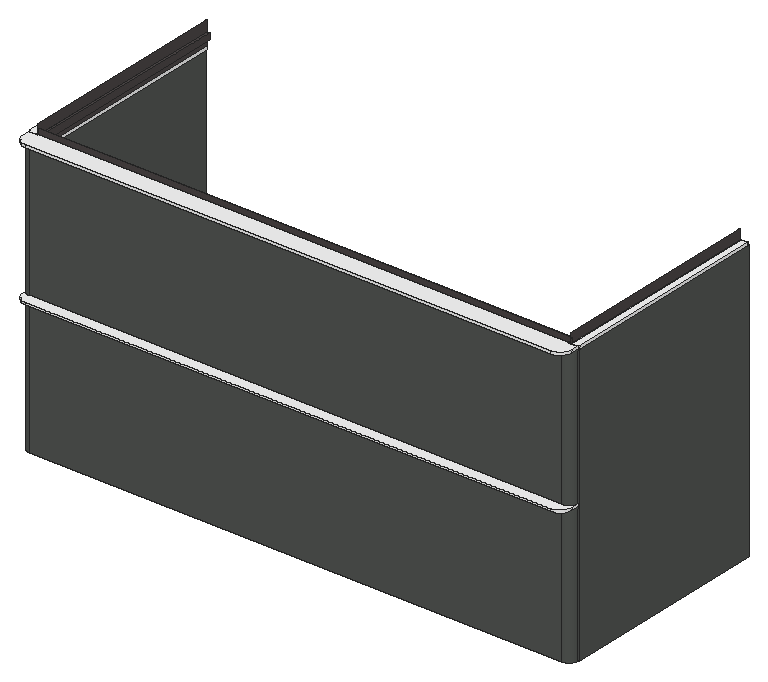
Revit family "vanity unit with 2 drawers", category Furniture, Revit 2019 (continued)
Definition of nested family "vanity unit 780_475 with 2 drawers for washbasin-54027670-high gloss white-matt_black-400_content"
  Forms (mm)
    Extrusion 8, solid, visible <- "ContentVisible", detail levels medium+fine
      sketch origin (0, 0, 0) x (0, 0, -1) y (0, 1, 0)
        loop
          line (-297, -453.5) -> (-297, -455) -> (-267, -455) -> (-267, -453.5) -> (-297, -453.5)
      from -368.5 to 368.5
    Extrusion 9, solid, visible <- "ContentVisible", detail levels medium+fine
      sketch origin (0, 0, 600) x (1, 0, 0) y (0, 1, 0)
        loop
          line (-388.5, -455) -> (-388.5, -471)
          arc (-388.5, -471) -> (-381.178, -488.678) -> (-363.5, -496) r 25
          line (-363.5, -496) -> (363.5, -496)
          arc (363.5, -496) -> (381.178, -488.678) -> (388.5, -471) r 25
          line (388.5, -471) -> (388.5, -455) -> (368.5, -455) -> (368.5, -453.5) -> (-368.5, -453.5) -> (-368.5, -455) -> (-388.5, -455)
      from 0 to 5
    Extrusion 10, solid, visible <- "ContentVisible", detail levels medium+fine
      sketch origin (0, 0, 0) x (0, 0, -1) y (0, 1, 0)
        loop
          line (-600, -453.5) -> (-600, -455) -> (-570, -455) -> (-570, -453.5) -> (-600, -453.5)
      from -368.5 to 368.5
    Extrusion 11, solid, visible <- "ContentVisible", detail levels medium+fine
      sketch origin (0, 0, 0) x (1, 0, 0) y (0, 0, -1)
        loop
          line (-374, -566.8) -> (-374, -605) -> (-372.5, -605) -> (-372.5, -566.8) -> (-374, -566.8)
      from -455 to 0
    Extrusion 12, solid, visible <- "ContentVisible", detail levels medium+fine
      sketch origin (0, 0, 0) x (1, 0, 0) y (0, 0, -1)
        loop
          line (372.5, -566.8) -> (372.5, -605) -> (374, -605) -> (374, -566.8) -> (372.5, -566.8)
      from -455 to 0
    Extrusion 13, solid, visible <- "ContentVisible", detail levels medium+fine
      sketch origin (0, 0, 600) x (1, 0, 0) y (0, 1, 0)
        loop
          line (-390, -3) -> (-390, -452)
          arc (-390, -452) -> (-389.121, -454.121) -> (-387, -455) r 3
          line (-387, -455) -> (-374, -455) -> (-374, 0) -> (-387, 0)
          arc (-387, 0) -> (-389.121, -0.879) -> (-390, -3) r 3
      from 0 to 5
    Extrusion 14, solid, visible <- "ContentVisible", detail levels medium+fine
      sketch origin (0, 0, 600) x (1, 0, 0) y (0, 1, 0)
        loop
          line (374, 0) -> (374, -455) -> (387, -455)
          arc (387, -455) -> (389.121, -454.121) -> (390, -452) r 3
          line (390, -452) -> (390, -3)
          arc (390, -3) -> (389.121, -0.879) -> (387, 0) r 3
          line (387, 0) -> (374, 0)
      from 0 to 5
    Extrusion 15, solid, visible <- "ContentVisible", detail levels medium+fine
      sketch origin (0, 0, 0) x (1, 0, 0) y (0, 0, -1)
        loop
          line (-372.5, -575.3) -> (-372.5, -624.5) -> (-371, -624.5) -> (-371, -602.8) -> (-366.4, -602.8) -> (-366.4, -588.3) -> (-371, -588.3) -> (-371, -575.3) -> (-372.5, -575.3)
      from -453.5 to 0
    Extrusion 16, solid, visible <- "ContentVisible", detail levels medium+fine
      sketch origin (0, 0, 0) x (1, 0, 0) y (0, 0, -1)
        loop
          line (366.4, -588.3) -> (366.4, -602.8) -> (371, -602.8) -> (371, -624.5) -> (372.5, -624.5) -> (372.5, -575.3) -> (371, -575.3) -> (371, -588.3) -> (366.4, -588.3)
      from -453.5 to 0
    Extrusion 17, solid, visible <- "ContentVisible", detail levels medium+fine
      sketch origin (0, 0, 0) x (0, 0, -1) y (0, 1, 0)
        loop
          line (-616, -453.5) -> (-567, -453.5) -> (-567, -452) -> (-588.5, -452) -> (-588.5, -447.4) -> (-603, -447.4) -> (-603, -452) -> (-616, -452) -> (-616, -453.5)
      from -372.5 to 372.5
    Extrusion 18, solid, visible <- "ContentVisible", detail levels coarse
      sketch origin (0, -248, 0) x (1, 0, 0) y (0, 1, 0)
        loop
          line (-390, -248) -> (390, -248) -> (390, 248) -> (-390, 248) -> (-390, -248)
      from 0 to 624.5
  Dimensions and locks
    aligned and locked: level to plane 2
Definition of nested family "vanity unit 780_475 with 2 drawers for washbasin-54027700-high gloss white-matt_white-200_content"
  Parameters (values of type "Vanity unit 780_475 with 2 drawers for washbasin-54027700-High Gloss White-MATT_WHITE-200_Content")
    etim7_EC011381 = "EC011381"
    WEIGHT = "33.3"
    UNSPSC = "56 | Furniture and Furnishings"
    UNIFORMATII = "E2010 | Fixed Furnishings"
    UNICLASS_2015_CODE = "40_30_78_05"
    UNICLASS2015 = "Pr_40_30_78_05 | Bathroom furniture"
    SURFACE = "MATT_WHITE"
    REGIONSET = "Worldwide"
    PRODUCTURL = "https://pro.hansgrohe.com/articledetail--54027000"
    PRODUCTGROUP = "vanity unit"
    PRODUCTFAMILY = "Xelu Q"
    PERMALINK = "54027XXX"
    OMNICLASS = "23-21 19 15 33 13 | Residential Bathroom Specialty Casework"
    OBJECTTYPE = "Object (single object)"
    OBERFLAECHE = "High Gloss White"
    NN = "Vanity Unit with 2 Drawers"
    NBSYN = "$BASENUMBER.-$ARTNR.-$OBERFLAECHE.-$SURFACE.-$LODLEVEL."
    NB = "Vanity unit 780/475 with 2 drawers for washbasin-54027700-High Gloss White-MATT_WHITE-200"
    NAME = "Xelu Q Vanity unit High Gloss White 780/475 with 2 drawers for washbasin"
    Model = "Vanity unit 780/475 with 2 drawers for washbasin-54027700-High Gloss White-MATT_WHITE-200"
    Manufacturer = "Hansgrohe"
    MASTERFORMAT = "12 35 30.23 | Bathroom Casework"
    LODLEVEL = "200"
    LINA = "Vanity unit 780/475 with 2 drawers for washbasin-54027700-High Gloss White-MATT_WHITE-200"
    L = 780
    IFC = "Furnishing element"
    GTINCODE = "4059625455548"
    ETIM = "EC011381 | Bathroom furniture set"
    Default Elevation = 1219.2 mm
    DESIGN = "Germany"
    ContentVisible [instance] = yes
    CATALOG = "Hansgrohe"
    BIMOBJECT = "Sanitary: Compound units"
    BASENUMBER = "Vanity unit 780/475 with 2 drawers for washbasin"
    ARTNR = "54027700"
  Reference planes
    plane 1 "Center (Front/Back)": y = 0
    plane 2: z = 0
    plane 3 "Center (Left/Right)": x = 0
  Forms (mm)
    Extrusion 1, solid, visible <- "ContentVisible", detail levels medium+fine
      sketch origin (0, 0, 0) x (1, 0, 0) y (0, 1, 0)
        loop
          line (-390, 0) -> (-390, -476) -> (390, -476) -> (390, 0) -> (374, 0) -> (374, -72) -> (-374, -72) -> (-374, 0) -> (-390, 0)
      from 0 to 600
    Extrusion 2, solid, visible <- "ContentVisible", detail levels medium+fine
      sketch origin (0, 0, 297) x (1, 0, 0) y (0, 1, 0)
        loop
          line (-388.5, -453.5) -> (-388.5, -496) -> (388.5, -496) -> (388.5, -453.5) -> (-388.5, -453.5)
      from 0 to 5
    Extrusion 3, solid, visible <- "ContentVisible", detail levels medium+fine
      sketch origin (0, 0, 600) x (1, 0, 0) y (0, 1, 0)
        loop
          line (-388.5, -453.5) -> (-388.5, -496) -> (388.5, -496) -> (388.5, -453.5) -> (-388.5, -453.5)
      from 0 to 5
    Extrusion 4, solid, visible <- "ContentVisible", detail levels medium+fine
      sketch origin (0, 0, 0) x (1, 0, 0) y (0, 0, -1)
        loop
          line (-374, -566.8) -> (-374, -605) -> (-372.5, -605) -> (-372.5, -566.8) -> (-374, -566.8)
      from -455 to 0
    Extrusion 5, solid, visible <- "ContentVisible", detail levels medium+fine
      sketch origin (0, 0, 0) x (1, 0, 0) y (0, 0, -1)
        loop
          line (372.5, -566.8) -> (372.5, -605) -> (374, -605) -> (374, -566.8) -> (372.5, -566.8)
      from -455 to 0
    Extrusion 6, solid, visible <- "ContentVisible", detail levels medium+fine
      sketch origin (0, 0, 600) x (1, 0, 0) y (0, 1, 0)
        loop
          line (-390, 0) -> (-390, -455) -> (-374, -455) -> (-374, 0) -> (-390, 0)
      from 0 to 5
    Extrusion 7, solid, visible <- "ContentVisible", detail levels medium+fine
      sketch origin (0, 0, 600) x (1, 0, 0) y (0, 1, 0)
        loop
          line (374, 0) -> (374, -455) -> (390, -455) -> (390, 0) -> (374, 0)
      from 0 to 5
    Extrusion 8, solid, visible <- "ContentVisible", detail levels medium+fine
      sketch origin (0, 0, 0) x (1, 0, 0) y (0, 0, -1)
        loop
          line (-372.5, -575.3) -> (-372.5, -624.5) -> (-366.4, -624.5) -> (-366.4, -575.3) -> (-372.5, -575.3)
      from -453.5 to 0
    Extrusion 9, solid, visible <- "ContentVisible", detail levels medium+fine
      sketch origin (0, 0, 0) x (1, 0, 0) y (0, 0, -1)
        loop
          line (366.4, -575.3) -> (366.4, -624.5) -> (372.5, -624.5) -> (372.5, -575.3) -> (366.4, -575.3)
      from -453.5 to 0
    Extrusion 10, solid, visible <- "ContentVisible", detail levels medium+fine
      sketch origin (0, 0, 0) x (0, 0, -1) y (0, 1, 0)
        loop
          line (-616, -453.5) -> (-567, -453.5) -> (-567, -447.4) -> (-616, -447.4) -> (-616, -453.5)
      from -372.5 to 372.5
    Extrusion 11, solid, visible <- "ContentVisible", detail levels coarse
      sketch origin (0, -248, 0) x (1, 0, 0) y (0, 1, 0)
        loop
          line (-390, -248) -> (390, -248) -> (390, 248) -> (-390, 248) -> (-390, -248)
      from 0 to 624.5
  Dimensions and locks
    aligned and locked: level to plane 2
Definition of nested family "vanity unit 780_475 with 2 drawers for washbasin-54027700-high gloss white-matt_white-400_content"
  Parameters (values of type "Vanity unit 780_475 with 2 drawers for washbasin-54027700-High Gloss White-MATT_WHITE-400_Content")
    etim7_EC011381 = "EC011381"
    WEIGHT = "33.3"
    UNSPSC = "56 | Furniture and Furnishings"
    UNIFORMATII = "E2010 | Fixed Furnishings"
    UNICLASS_2015_CODE = "40_30_78_05"
    UNICLASS2015 = "Pr_40_30_78_05 | Bathroom furniture"
    SURFACE = "MATT_WHITE"
    REGIONSET = "Worldwide"
    PRODUCTURL = "https://pro.hansgrohe.com/articledetail--54027000"
    PRODUCTGROUP = "vanity unit"
    PRODUCTFAMILY = "Xelu Q"
    PERMALINK = "54027XXX"
    OMNICLASS = "23-21 19 15 33 13 | Residential Bathroom Specialty Casework"
    OBJECTTYPE = "Object (single object)"
    OBERFLAECHE = "High Gloss White"
    NN = "Vanity Unit with 2 Drawers"
    NBSYN = "$BASENUMBER.-$ARTNR.-$OBERFLAECHE.-$SURFACE.-$LODLEVEL."
    NB = "Vanity unit 780/475 with 2 drawers for washbasin-54027700-High Gloss White-MATT_WHITE-400"
    NAME = "Xelu Q Vanity unit High Gloss White 780/475 with 2 drawers for washbasin"
    Model = "Vanity unit 780/475 with 2 drawers for washbasin-54027700-High Gloss White-MATT_WHITE-400"
    Manufacturer = "Hansgrohe"
    MASTERFORMAT = "12 35 30.23 | Bathroom Casework"
    LODLEVEL = "400"
    LINA = "Vanity unit 780/475 with 2 drawers for washbasin-54027700-High Gloss White-MATT_WHITE-400"
    L = 780
    IFC = "Furnishing element"
    GTINCODE = "4059625455548"
    ETIM = "EC011381 | Bathroom furniture set"
    Default Elevation = 1219.2 mm
    DESIGN = "Germany"
    ContentVisible [instance] = yes
    CATALOG = "Hansgrohe"
    BIMOBJECT = "Sanitary: Compound units"
    BASENUMBER = "Vanity unit 780/475 with 2 drawers for washbasin"
    ARTNR = "54027700"
  Reference planes
    plane 1 "Center (Front/Back)": y = 0
    plane 2: z = 0
    plane 3 "Center (Left/Right)": x = 0
  Forms (mm)
    Extrusion 1, solid, visible <- "ContentVisible", detail levels medium+fine
      sketch origin (0, 0, 0) x (1, 0, 0) y (0, 1, 0)
        loop
          line (-390, 0) -> (-390, -452)
          arc (-390, -452) -> (-389.121, -454.121) -> (-387, -455) r 3
          line (-387, -455) -> (-374, -455) -> (-374, 0) -> (-390, 0)
      from 0 to 600
    Extrusion 2, solid, visible <- "ContentVisible", detail levels medium+fine
      sketch origin (0, 0, 2) x (1, 0, 0) y (0, 1, 0)
        loop
          line (-374, -88) -> (-374, -455) -> (374, -455) -> (374, -88) -> (-374, -88)
      from 0 to 16
    Extrusion 3, solid, visible <- "ContentVisible", detail levels medium+fine
      sketch origin (0, 0, 0) x (1, 0, 0) y (0, 1, 0)
        loop
          line (374, 0) -> (374, -455) -> (387, -455)
          arc (387, -455) -> (389.121, -454.121) -> (390, -452) r 3
          line (390, -452) -> (390, 0) -> (374, 0)
      from 0 to 600
    Extrusion 4, solid, visible <- "ContentVisible", detail levels medium+fine
      sketch origin (0, 0, 2) x (1, 0, 0) y (0, 1, 0)
        loop
          line (-374, -72) -> (-374, -88) -> (374, -88) -> (374, -72) -> (-374, -72)
      from 0 to 126
    Extrusion 5, solid, visible <- "ContentVisible", detail levels medium+fine
      sketch origin (0, 0, 2) x (1, 0, 0) y (0, 1, 0)
        loop
          arc (-390, -457) -> (-384.435, -470.435) -> (-371, -476) r 19
          line (-371, -476) -> (371, -476)
          arc (371, -476) -> (384.435, -470.435) -> (390, -457) r 19
          line (390, -457) -> (390, -455) -> (-390, -455) -> (-390, -457)
      from 0 to 295
    Extrusion 6, solid, visible <- "ContentVisible", detail levels medium+fine
      sketch origin (0, 0, 305) x (1, 0, 0) y (0, 1, 0)
        loop
          arc (-390, -457) -> (-384.435, -470.435) -> (-371, -476) r 19
          line (-371, -476) -> (371, -476)
          arc (371, -476) -> (384.435, -470.435) -> (390, -457) r 19
          line (390, -457) -> (390, -455) -> (-390, -455) -> (-390, -457)
      from 0 to 295
    Extrusion 7, solid, visible <- "ContentVisible", detail levels medium+fine
      sketch origin (0, 0, 297) x (1, 0, 0) y (0, 1, 0)
        loop
          line (-388.5, -455) -> (-388.5, -471)
          arc (-388.5, -471) -> (-381.178, -488.678) -> (-363.5, -496) r 25
          line (-363.5, -496) -> (363.5, -496)
          arc (363.5, -496) -> (381.178, -488.678) -> (388.5, -471) r 25
          line (388.5, -471) -> (388.5, -455) -> (368.5, -455) -> (368.5, -453.5) -> (-368.5, -453.5) -> (-368.5, -455) -> (-388.5, -455)
      from 0 to 5
    Extrusion 8, solid, visible <- "ContentVisible", detail levels medium+fine
      sketch origin (0, 0, 0) x (0, 0, -1) y (0, 1, 0)
        loop
          line (-297, -453.5) -> (-297, -455) -> (-267, -455) -> (-267, -453.5) -> (-297, -453.5)
      from -368.5 to 368.5
    Extrusion 9, solid, visible <- "ContentVisible", detail levels medium+fine
      sketch origin (0, 0, 600) x (1, 0, 0) y (0, 1, 0)
        loop
          line (-388.5, -455) -> (-388.5, -471)
          arc (-388.5, -471) -> (-381.178, -488.678) -> (-363.5, -496) r 25
          line (-363.5, -496) -> (363.5, -496)
          arc (363.5, -496) -> (381.178, -488.678) -> (388.5, -471) r 25
          line (388.5, -471) -> (388.5, -455) -> (368.5, -455) -> (368.5, -453.5) -> (-368.5, -453.5) -> (-368.5, -455) -> (-388.5, -455)
      from 0 to 5
    Extrusion 10, solid, visible <- "ContentVisible", detail levels medium+fine
      sketch origin (0, 0, 0) x (0, 0, -1) y (0, 1, 0)
        loop
          line (-600, -453.5) -> (-600, -455) -> (-570, -455) -> (-570, -453.5) -> (-600, -453.5)
      from -368.5 to 368.5
    Extrusion 11, solid, visible <- "ContentVisible", detail levels medium+fine
      sketch origin (0, 0, 0) x (1, 0, 0) y (0, 0, -1)
        loop
          line (-374, -566.8) -> (-374, -605) -> (-372.5, -605) -> (-372.5, -566.8) -> (-374, -566.8)
      from -455 to 0
    Extrusion 12, solid, visible <- "ContentVisible", detail levels medium+fine
      sketch origin (0, 0, 0) x (1, 0, 0) y (0, 0, -1)
        loop
          line (372.5, -566.8) -> (372.5, -605) -> (374, -605) -> (374, -566.8) -> (372.5, -566.8)
      from -455 to 0
    Extrusion 13, solid, visible <- "ContentVisible", detail levels medium+fine
      sketch origin (0, 0, 600) x (1, 0, 0) y (0, 1, 0)
        loop
          line (-390, -3) -> (-390, -452)
          arc (-390, -452) -> (-389.121, -454.121) -> (-387, -455) r 3
          line (-387, -455) -> (-374, -455) -> (-374, 0) -> (-387, 0)
          arc (-387, 0) -> (-389.121, -0.879) -> (-390, -3) r 3
      from 0 to 5
    Extrusion 14, solid, visible <- "ContentVisible", detail levels medium+fine
      sketch origin (0, 0, 600) x (1, 0, 0) y (0, 1, 0)
        loop
          line (374, 0) -> (374, -455) -> (387, -455)
          arc (387, -455) -> (389.121, -454.121) -> (390, -452) r 3
          line (390, -452) -> (390, -3)
          arc (390, -3) -> (389.121, -0.879) -> (387, 0) r 3
          line (387, 0) -> (374, 0)
      from 0 to 5
    Extrusion 15, solid, visible <- "ContentVisible", detail levels medium+fine
      sketch origin (0, 0, 0) x (1, 0, 0) y (0, 0, -1)
        loop
          line (-372.5, -575.3) -> (-372.5, -624.5) -> (-371, -624.5) -> (-371, -602.8) -> (-366.4, -602.8) -> (-366.4, -588.3) -> (-371, -588.3) -> (-371, -575.3) -> (-372.5, -575.3)
      from -453.5 to 0
    Extrusion 16, solid, visible <- "ContentVisible", detail levels medium+fine
      sketch origin (0, 0, 0) x (1, 0, 0) y (0, 0, -1)
        loop
          line (366.4, -588.3) -> (366.4, -602.8) -> (371, -602.8) -> (371, -624.5) -> (372.5, -624.5) -> (372.5, -575.3) -> (371, -575.3) -> (371, -588.3) -> (366.4, -588.3)
      from -453.5 to 0
    Extrusion 17, solid, visible <- "ContentVisible", detail levels medium+fine
      sketch origin (0, 0, 0) x (0, 0, -1) y (0, 1, 0)
        loop
          line (-616, -453.5) -> (-567, -453.5) -> (-567, -452) -> (-588.5, -452) -> (-588.5, -447.4) -> (-603, -447.4) -> (-603, -452) -> (-616, -452) -> (-616, -453.5)
      from -372.5 to 372.5
    Extrusion 18, solid, visible <- "ContentVisible", detail levels coarse
      sketch origin (0, -248, 0) x (1, 0, 0) y (0, 1, 0)
        loop
          line (-390, -248) -> (390, -248) -> (390, 248) -> (-390, 248) -> (-390, -248)
      from 0 to 624.5
  Dimensions and locks
    aligned and locked: level to plane 2
Definition of nested family "vanity unit 780_475 with 2 drawers for washbasin-54028000-diamond matt grey-chrome-200_content"
  Parameters (values of type "Vanity unit 780_475 with 2 drawers for washbasin-54028000-Diamond Matt Grey-CHROME-200_Content")
    etim7_EC011381 = "EC011381"
    WEIGHT = "33.3"
    UNSPSC = "56 | Furniture and Furnishings"
    UNIFORMATII = "E2010 | Fixed Furnishings"
    UNICLASS_2015_CODE = "40_30_78_05"
    UNICLASS2015 = "Pr_40_30_78_05 | Bathroom furniture"
    SURFACE = "CHROME"
    REGIONSET = "Worldwide"
    PRODUCTURL = "https://pro.hansgrohe.com/articledetail--54028000"
    PRODUCTGROUP = "vanity unit"
    PRODUCTFAMILY = "Xelu Q"
    PERMALINK = "54028XXX"
    OMNICLASS = "23-21 19 15 33 13 | Residential Bathroom Specialty Casework"
    OBJECTTYPE = "Object (single object)"
    OBERFLAECHE = "Diamond Matt Grey"
    NN = "Vanity Unit with 2 Drawers"
    NBSYN = "$BASENUMBER.-$ARTNR.-$OBERFLAECHE.-$SURFACE.-$LODLEVEL."
    NB = "Vanity unit 780/475 with 2 drawers for washbasin-54028000-Diamond Matt Grey-CHROME-200"
    NAME = "Xelu Q Vanity unit Diamond Matt Grey 780/475 with 2 drawers for washbasin"
    Model = "Vanity unit 780/475 with 2 drawers for washbasin-54028000-Diamond Matt Grey-CHROME-200"
    Manufacturer = "Hansgrohe"
    MASTERFORMAT = "12 35 30.23 | Bathroom Casework"
    LODLEVEL = "200"
    LINA = "Vanity unit 780/475 with 2 drawers for washbasin-54028000-Diamond Matt Grey-CHROME-200"
    L = 780
    IFC = "Furnishing element"
    GTINCODE = "4059625455517"
    ETIM = "EC011381 | Bathroom furniture set"
    Default Elevation = 1219.2 mm
    DESIGN = "Germany"
    ContentVisible [instance] = yes
    CATALOG = "Hansgrohe"
    BIMOBJECT = "Sanitary: Compound units"
    BASENUMBER = "Vanity unit 780/475 with 2 drawers for washbasin"
    ARTNR = "54028000"
  Reference planes
    plane 1 "Center (Front/Back)": y = 0
    plane 2: z = 0
    plane 3 "Center (Left/Right)": x = 0
  Forms (mm)
    Extrusion 1, solid, visible <- "ContentVisible", detail levels medium+fine
      sketch origin (0, 0, 0) x (1, 0, 0) y (0, 1, 0)
        loop
          line (-390, 0) -> (-390, -476) -> (390, -476) -> (390, 0) -> (374, 0) -> (374, -72) -> (-374, -72) -> (-374, 0) -> (-390, 0)
      from 0 to 600
    Extrusion 2, solid, visible <- "ContentVisible", detail levels medium+fine
      sketch origin (0, 0, 297) x (1, 0, 0) y (0, 1, 0)
        loop
          line (-388.5, -453.5) -> (-388.5, -496) -> (388.5, -496) -> (388.5, -453.5) -> (-388.5, -453.5)
      from 0 to 5
    Extrusion 3, solid, visible <- "ContentVisible", detail levels medium+fine
      sketch origin (0, 0, 600) x (1, 0, 0) y (0, 1, 0)
        loop
          line (-388.5, -453.5) -> (-388.5, -496) -> (388.5, -496) -> (388.5, -453.5) -> (-388.5, -453.5)
      from 0 to 5
    Extrusion 4, solid, visible <- "ContentVisible", detail levels medium+fine
      sketch origin (0, 0, 0) x (1, 0, 0) y (0, 0, -1)
        loop
          line (-374, -566.8) -> (-374, -605) -> (-372.5, -605) -> (-372.5, -566.8) -> (-374, -566.8)
      from -455 to 0
    Extrusion 5, solid, visible <- "ContentVisible", detail levels medium+fine
      sketch origin (0, 0, 0) x (1, 0, 0) y (0, 0, -1)
        loop
          line (372.5, -566.8) -> (372.5, -605) -> (374, -605) -> (374, -566.8) -> (372.5, -566.8)
      from -455 to 0
    Extrusion 6, solid, visible <- "ContentVisible", detail levels medium+fine
      sketch origin (0, 0, 600) x (1, 0, 0) y (0, 1, 0)
        loop
          line (-390, 0) -> (-390, -455) -> (-374, -455) -> (-374, 0) -> (-390, 0)
      from 0 to 5
    Extrusion 7, solid, visible <- "ContentVisible", detail levels medium+fine
      sketch origin (0, 0, 600) x (1, 0, 0) y (0, 1, 0)
        loop
          line (374, 0) -> (374, -455) -> (390, -455) -> (390, 0) -> (374, 0)
      from 0 to 5
    Extrusion 8, solid, visible <- "ContentVisible", detail levels medium+fine
      sketch origin (0, 0, 0) x (1, 0, 0) y (0, 0, -1)
        loop
          line (-372.5, -575.3) -> (-372.5, -624.5) -> (-366.4, -624.5) -> (-366.4, -575.3) -> (-372.5, -575.3)
      from -453.5 to 0
    Extrusion 9, solid, visible <- "ContentVisible", detail levels medium+fine
      sketch origin (0, 0, 0) x (1, 0, 0) y (0, 0, -1)
        loop
          line (366.4, -575.3) -> (366.4, -624.5) -> (372.5, -624.5) -> (372.5, -575.3) -> (366.4, -575.3)
      from -453.5 to 0
    Extrusion 10, solid, visible <- "ContentVisible", detail levels medium+fine
      sketch origin (0, 0, 0) x (0, 0, -1) y (0, 1, 0)
        loop
          line (-616, -453.5) -> (-567, -453.5) -> (-567, -447.4) -> (-616, -447.4) -> (-616, -453.5)
      from -372.5 to 372.5
    Extrusion 11, solid, visible <- "ContentVisible", detail levels coarse
      sketch origin (0, -248, 0) x (1, 0, 0) y (0, 1, 0)
        loop
          line (-390, -248) -> (390, -248) -> (390, 248) -> (-390, 248) -> (-390, -248)
      from 0 to 624.5
  Dimensions and locks
    aligned and locked: level to plane 2
Definition of nested family "vanity unit 780_475 with 2 drawers for washbasin-54028000-diamond matt grey-chrome-400_content"
  Parameters (values of type "Vanity unit 780_475 with 2 drawers for washbasin-54028000-Diamond Matt Grey-CHROME-400_Content")
    etim7_EC011381 = "EC011381"
    WEIGHT = "33.3"
    UNSPSC = "56 | Furniture and Furnishings"
    UNIFORMATII = "E2010 | Fixed Furnishings"
    UNICLASS_2015_CODE = "40_30_78_05"
    UNICLASS2015 = "Pr_40_30_78_05 | Bathroom furniture"
    SURFACE = "CHROME"
    REGIONSET = "Worldwide"
    PRODUCTURL = "https://pro.hansgrohe.com/articledetail--54028000"
    PRODUCTGROUP = "vanity unit"
    PRODUCTFAMILY = "Xelu Q"
    PERMALINK = "54028XXX"
    OMNICLASS = "23-21 19 15 33 13 | Residential Bathroom Specialty Casework"
    OBJECTTYPE = "Object (single object)"
    OBERFLAECHE = "Diamond Matt Grey"
    NN = "Vanity Unit with 2 Drawers"
    NBSYN = "$BASENUMBER.-$ARTNR.-$OBERFLAECHE.-$SURFACE.-$LODLEVEL."
    NB = "Vanity unit 780/475 with 2 drawers for washbasin-54028000-Diamond Matt Grey-CHROME-400"
    NAME = "Xelu Q Vanity unit Diamond Matt Grey 780/475 with 2 drawers for washbasin"
    Model = "Vanity unit 780/475 with 2 drawers for washbasin-54028000-Diamond Matt Grey-CHROME-400"
    Manufacturer = "Hansgrohe"
    MASTERFORMAT = "12 35 30.23 | Bathroom Casework"
    LODLEVEL = "400"
    LINA = "Vanity unit 780/475 with 2 drawers for washbasin-54028000-Diamond Matt Grey-CHROME-400"
    L = 780
    IFC = "Furnishing element"
    GTINCODE = "4059625455517"
    ETIM = "EC011381 | Bathroom furniture set"
    Default Elevation = 1219.2 mm
    DESIGN = "Germany"
    ContentVisible [instance] = yes
    CATALOG = "Hansgrohe"
    BIMOBJECT = "Sanitary: Compound units"
    BASENUMBER = "Vanity unit 780/475 with 2 drawers for washbasin"
    ARTNR = "54028000"
  Reference planes
    plane 1 "Center (Front/Back)": y = 0
    plane 2: z = 0
    plane 3 "Center (Left/Right)": x = 0
  Forms (mm)
    Extrusion 1, solid, visible <- "ContentVisible", detail levels medium+fine
      sketch origin (0, 0, 0) x (1, 0, 0) y (0, 1, 0)
        loop
          line (-390, 0) -> (-390, -452)
          arc (-390, -452) -> (-389.121, -454.121) -> (-387, -455) r 3
          line (-387, -455) -> (-374, -455) -> (-374, 0) -> (-390, 0)
      from 0 to 600
    Extrusion 2, solid, visible <- "ContentVisible", detail levels medium+fine
      sketch origin (0, 0, 2) x (1, 0, 0) y (0, 1, 0)
        loop
          line (-374, -88) -> (-374, -455) -> (374, -455) -> (374, -88) -> (-374, -88)
      from 0 to 16
    Extrusion 3, solid, visible <- "ContentVisible", detail levels medium+fine
      sketch origin (0, 0, 0) x (1, 0, 0) y (0, 1, 0)
        loop
          line (374, 0) -> (374, -455) -> (387, -455)
          arc (387, -455) -> (389.121, -454.121) -> (390, -452) r 3
          line (390, -452) -> (390, 0) -> (374, 0)
      from 0 to 600
    Extrusion 4, solid, visible <- "ContentVisible", detail levels medium+fine
      sketch origin (0, 0, 2) x (1, 0, 0) y (0, 1, 0)
        loop
          line (-374, -72) -> (-374, -88) -> (374, -88) -> (374, -72) -> (-374, -72)
      from 0 to 126
    Extrusion 5, solid, visible <- "ContentVisible", detail levels medium+fine
      sketch origin (0, 0, 2) x (1, 0, 0) y (0, 1, 0)
        loop
          arc (-390, -457) -> (-384.435, -470.435) -> (-371, -476) r 19
          line (-371, -476) -> (371, -476)
          arc (371, -476) -> (384.435, -470.435) -> (390, -457) r 19
          line (390, -457) -> (390, -455) -> (-390, -455) -> (-390, -457)
      from 0 to 295
    Extrusion 6, solid, visible <- "ContentVisible", detail levels medium+fine
      sketch origin (0, 0, 305) x (1, 0, 0) y (0, 1, 0)
        loop
          arc (-390, -457) -> (-384.435, -470.435) -> (-371, -476) r 19
          line (-371, -476) -> (371, -476)
          arc (371, -476) -> (384.435, -470.435) -> (390, -457) r 19
          line (390, -457) -> (390, -455) -> (-390, -455) -> (-390, -457)
      from 0 to 295
    Extrusion 7, solid, visible <- "ContentVisible", detail levels medium+fine
      sketch origin (0, 0, 297) x (1, 0, 0) y (0, 1, 0)
        loop
          line (-388.5, -455) -> (-388.5, -471)
          arc (-388.5, -471) -> (-381.178, -488.678) -> (-363.5, -496) r 25
          line (-363.5, -496) -> (363.5, -496)
          arc (363.5, -496) -> (381.178, -488.678) -> (388.5, -471) r 25
          line (388.5, -471) -> (388.5, -455) -> (368.5, -455) -> (368.5, -453.5) -> (-368.5, -453.5) -> (-368.5, -455) -> (-388.5, -455)
      from 0 to 5
    Extrusion 8, solid, visible <- "ContentVisible", detail levels medium+fine
      sketch origin (0, 0, 0) x (0, 0, -1) y (0, 1, 0)
        loop
          line (-297, -453.5) -> (-297, -455) -> (-267, -455) -> (-267, -453.5) -> (-297, -453.5)
      from -368.5 to 368.5
    Extrusion 9, solid, visible <- "ContentVisible", detail levels medium+fine
      sketch origin (0, 0, 600) x (1, 0, 0) y (0, 1, 0)
        loop
          line (-388.5, -455) -> (-388.5, -471)
          arc (-388.5, -471) -> (-381.178, -488.678) -> (-363.5, -496) r 25
          line (-363.5, -496) -> (363.5, -496)
          arc (363.5, -496) -> (381.178, -488.678) -> (388.5, -471) r 25
          line (388.5, -471) -> (388.5, -455) -> (368.5, -455) -> (368.5, -453.5) -> (-368.5, -453.5) -> (-368.5, -455) -> (-388.5, -455)
      from 0 to 5
    Extrusion 10, solid, visible <- "ContentVisible", detail levels medium+fine
      sketch origin (0, 0, 0) x (0, 0, -1) y (0, 1, 0)
        loop
          line (-600, -453.5) -> (-600, -455) -> (-570, -455) -> (-570, -453.5) -> (-600, -453.5)
      from -368.5 to 368.5
    Extrusion 11, solid, visible <- "ContentVisible", detail levels medium+fine
      sketch origin (0, 0, 0) x (1, 0, 0) y (0, 0, -1)
        loop
          line (-374, -566.8) -> (-374, -605) -> (-372.5, -605) -> (-372.5, -566.8) -> (-374, -566.8)
      from -455 to 0
    Extrusion 12, solid, visible <- "ContentVisible", detail levels medium+fine
      sketch origin (0, 0, 0) x (1, 0, 0) y (0, 0, -1)
        loop
          line (372.5, -566.8) -> (372.5, -605) -> (374, -605) -> (374, -566.8) -> (372.5, -566.8)
      from -455 to 0
    Extrusion 13, solid, visible <- "ContentVisible", detail levels medium+fine
      sketch origin (0, 0, 600) x (1, 0, 0) y (0, 1, 0)
        loop
          line (-390, -3) -> (-390, -452)
          arc (-390, -452) -> (-389.121, -454.121) -> (-387, -455) r 3
          line (-387, -455) -> (-374, -455) -> (-374, 0) -> (-387, 0)
          arc (-387, 0) -> (-389.121, -0.879) -> (-390, -3) r 3
      from 0 to 5
    Extrusion 14, solid, visible <- "ContentVisible", detail levels medium+fine
      sketch origin (0, 0, 600) x (1, 0, 0) y (0, 1, 0)
        loop
          line (374, 0) -> (374, -455) -> (387, -455)
          arc (387, -455) -> (389.121, -454.121) -> (390, -452) r 3
          line (390, -452) -> (390, -3)
          arc (390, -3) -> (389.121, -0.879) -> (387, 0) r 3
          line (387, 0) -> (374, 0)
      from 0 to 5
    Extrusion 15, solid, visible <- "ContentVisible", detail levels medium+fine
      sketch origin (0, 0, 0) x (1, 0, 0) y (0, 0, -1)
        loop
          line (-372.5, -575.3) -> (-372.5, -624.5) -> (-371, -624.5) -> (-371, -602.8) -> (-366.4, -602.8) -> (-366.4, -588.3) -> (-371, -588.3) -> (-371, -575.3) -> (-372.5, -575.3)
      from -453.5 to 0
    Extrusion 16, solid, visible <- "ContentVisible", detail levels medium+fine
      sketch origin (0, 0, 0) x (1, 0, 0) y (0, 0, -1)
        loop
          line (366.4, -588.3) -> (366.4, -602.8) -> (371, -602.8) -> (371, -624.5) -> (372.5, -624.5) -> (372.5, -575.3) -> (371, -575.3) -> (371, -588.3) -> (366.4, -588.3)
      from -453.5 to 0
    Extrusion 17, solid, visible <- "ContentVisible", detail levels medium+fine
      sketch origin (0, 0, 0) x (0, 0, -1) y (0, 1, 0)
        loop
          line (-616, -453.5) -> (-567, -453.5) -> (-567, -452) -> (-588.5, -452) -> (-588.5, -447.4) -> (-603, -447.4) -> (-603, -452) -> (-616, -452) -> (-616, -453.5)
      from -372.5 to 372.5
    Extrusion 18, solid, visible <- "ContentVisible", detail levels coarse
      sketch origin (0, -248, 0) x (1, 0, 0) y (0, 1, 0)
        loop
          line (-390, -248) -> (390, -248) -> (390, 248) -> (-390, 248) -> (-390, -248)
      from 0 to 624.5
  Dimensions and locks
    aligned and locked: level to plane 2
Definition of nested family "vanity unit 780_475 with 2 drawers for washbasin-54028670-diamond matt grey-matt_black-200_content"
  Parameters (values of type "Vanity unit 780_475 with 2 drawers for washbasin-54028670-Diamond Matt Grey-MATT_BLACK-200_Content")
    etim7_EC011381 = "EC011381"
    WEIGHT = "33.3"
    UNSPSC = "56 | Furniture and Furnishings"
    UNIFORMATII = "E2010 | Fixed Furnishings"
    UNICLASS_2015_CODE = "40_30_78_05"
    UNICLASS2015 = "Pr_40_30_78_05 | Bathroom furniture"
    SURFACE = "MATT_BLACK"
    REGIONSET = "Worldwide"
    PRODUCTURL = "https://pro.hansgrohe.com/articledetail--54028000"
    PRODUCTGROUP = "vanity unit"
    PRODUCTFAMILY = "Xelu Q"
    PERMALINK = "54028XXX"
    OMNICLASS = "23-21 19 15 33 13 | Residential Bathroom Specialty Casework"
    OBJECTTYPE = "Object (single object)"
    OBERFLAECHE = "Diamond Matt Grey"
    NN = "Vanity Unit with 2 Drawers"
    NBSYN = "$BASENUMBER.-$ARTNR.-$OBERFLAECHE.-$SURFACE.-$LODLEVEL."
    NB = "Vanity unit 780/475 with 2 drawers for washbasin-54028670-Diamond Matt Grey-MATT_BLACK-200"
    NAME = "Xelu Q Vanity unit Diamond Matt Grey 780/475 with 2 drawers for washbasin"
    Model = "Vanity unit 780/475 with 2 drawers for washbasin-54028670-Diamond Matt Grey-MATT_BLACK-200"
    Manufacturer = "Hansgrohe"
    MASTERFORMAT = "12 35 30.23 | Bathroom Casework"
    LODLEVEL = "200"
    LINA = "Vanity unit 780/475 with 2 drawers for washbasin-54028670-Diamond Matt Grey-MATT_BLACK-200"
    L = 780
    IFC = "Furnishing element"
    GTINCODE = "4059625455517"
    ETIM = "EC011381 | Bathroom furniture set"
    Default Elevation = 1219.2 mm
    DESIGN = "Germany"
    ContentVisible [instance] = yes
    CATALOG = "Hansgrohe"
    BIMOBJECT = "Sanitary: Compound units"
    BASENUMBER = "Vanity unit 780/475 with 2 drawers for washbasin"
    ARTNR = "54028670"
  Reference planes
    plane 1 "Center (Front/Back)": y = 0
    plane 2: z = 0
    plane 3 "Center (Left/Right)": x = 0
  Forms (mm)
    Extrusion 1, solid, visible <- "ContentVisible", detail levels medium+fine
      sketch origin (0, 0, 0) x (1, 0, 0) y (0, 1, 0)
        loop
          line (-390, 0) -> (-390, -476) -> (390, -476) -> (390, 0) -> (374, 0) -> (374, -72) -> (-374, -72) -> (-374, 0) -> (-390, 0)
      from 0 to 600
    Extrusion 2, solid, visible <- "ContentVisible", detail levels medium+fine
      sketch origin (0, 0, 297) x (1, 0, 0) y (0, 1, 0)
        loop
          line (-388.5, -453.5) -> (-388.5, -496) -> (388.5, -496) -> (388.5, -453.5) -> (-388.5, -453.5)
      from 0 to 5
    Extrusion 3, solid, visible <- "ContentVisible", detail levels medium+fine
      sketch origin (0, 0, 600) x (1, 0, 0) y (0, 1, 0)
        loop
          line (-388.5, -453.5) -> (-388.5, -496) -> (388.5, -496) -> (388.5, -453.5) -> (-388.5, -453.5)
      from 0 to 5
    Extrusion 4, solid, visible <- "ContentVisible", detail levels medium+fine
      sketch origin (0, 0, 0) x (1, 0, 0) y (0, 0, -1)
        loop
          line (-374, -566.8) -> (-374, -605) -> (-372.5, -605) -> (-372.5, -566.8) -> (-374, -566.8)
      from -455 to 0
    Extrusion 5, solid, visible <- "ContentVisible", detail levels medium+fine
      sketch origin (0, 0, 0) x (1, 0, 0) y (0, 0, -1)
        loop
          line (372.5, -566.8) -> (372.5, -605) -> (374, -605) -> (374, -566.8) -> (372.5, -566.8)
      from -455 to 0
    Extrusion 6, solid, visible <- "ContentVisible", detail levels medium+fine
      sketch origin (0, 0, 600) x (1, 0, 0) y (0, 1, 0)
        loop
          line (-390, 0) -> (-390, -455) -> (-374, -455) -> (-374, 0) -> (-390, 0)
      from 0 to 5
    Extrusion 7, solid, visible <- "ContentVisible", detail levels medium+fine
      sketch origin (0, 0, 600) x (1, 0, 0) y (0, 1, 0)
        loop
          line (374, 0) -> (374, -455) -> (390, -455) -> (390, 0) -> (374, 0)
      from 0 to 5
    Extrusion 8, solid, visible <- "ContentVisible", detail levels medium+fine
      sketch origin (0, 0, 0) x (1, 0, 0) y (0, 0, -1)
        loop
          line (-372.5, -575.3) -> (-372.5, -624.5) -> (-366.4, -624.5) -> (-366.4, -575.3) -> (-372.5, -575.3)
      from -453.5 to 0
    Extrusion 9, solid, visible <- "ContentVisible", detail levels medium+fine
      sketch origin (0, 0, 0) x (1, 0, 0) y (0, 0, -1)
        loop
          line (366.4, -575.3) -> (366.4, -624.5) -> (372.5, -624.5) -> (372.5, -575.3) -> (366.4, -575.3)
      from -453.5 to 0
    Extrusion 10, solid, visible <- "ContentVisible", detail levels medium+fine
      sketch origin (0, 0, 0) x (0, 0, -1) y (0, 1, 0)
        loop
          line (-616, -453.5) -> (-567, -453.5) -> (-567, -447.4) -> (-616, -447.4) -> (-616, -453.5)
      from -372.5 to 372.5
    Extrusion 11, solid, visible <- "ContentVisible", detail levels coarse
      sketch origin (0, -248, 0) x (1, 0, 0) y (0, 1, 0)
        loop
          line (-390, -248) -> (390, -248) -> (390, 248) -> (-390, 248) -> (-390, -248)
      from 0 to 624.5
  Dimensions and locks
    aligned and locked: level to plane 2
Definition of nested family "vanity unit 780_475 with 2 drawers for washbasin-54028670-diamond matt grey-matt_black-400_content"
  Parameters (values of type "Vanity unit 780_475 with 2 drawers for washbasin-54028670-Diamond Matt Grey-MATT_BLACK-400_Content")
    etim7_EC011381 = "EC011381"
    WEIGHT = "33.3"
    UNSPSC = "56 | Furniture and Furnishings"
    UNIFORMATII = "E2010 | Fixed Furnishings"
    UNICLASS_2015_CODE = "40_30_78_05"
    UNICLASS2015 = "Pr_40_30_78_05 | Bathroom furniture"
    SURFACE = "MATT_BLACK"
    REGIONSET = "Worldwide"
    PRODUCTURL = "https://pro.hansgrohe.com/articledetail--54028000"
    PRODUCTGROUP = "vanity unit"
    PRODUCTFAMILY = "Xelu Q"
    PERMALINK = "54028XXX"
    OMNICLASS = "23-21 19 15 33 13 | Residential Bathroom Specialty Casework"
    OBJECTTYPE = "Object (single object)"
    OBERFLAECHE = "Diamond Matt Grey"
    NN = "Vanity Unit with 2 Drawers"
    NBSYN = "$BASENUMBER.-$ARTNR.-$OBERFLAECHE.-$SURFACE.-$LODLEVEL."
    NB = "Vanity unit 780/475 with 2 drawers for washbasin-54028670-Diamond Matt Grey-MATT_BLACK-400"
    NAME = "Xelu Q Vanity unit Diamond Matt Grey 780/475 with 2 drawers for washbasin"
    Model = "Vanity unit 780/475 with 2 drawers for washbasin-54028670-Diamond Matt Grey-MATT_BLACK-400"
    Manufacturer = "Hansgrohe"
    MASTERFORMAT = "12 35 30.23 | Bathroom Casework"
    LODLEVEL = "400"
    LINA = "Vanity unit 780/475 with 2 drawers for washbasin-54028670-Diamond Matt Grey-MATT_BLACK-400"
    L = 780
    IFC = "Furnishing element"
    GTINCODE = "4059625455517"
    ETIM = "EC011381 | Bathroom furniture set"
    Default Elevation = 1219.2 mm
    DESIGN = "Germany"
    ContentVisible [instance] = yes
    CATALOG = "Hansgrohe"
    BIMOBJECT = "Sanitary: Compound units"
    BASENUMBER = "Vanity unit 780/475 with 2 drawers for washbasin"
    ARTNR = "54028670"
  Reference planes
    plane 1 "Center (Front/Back)": y = 0
    plane 2: z = 0
    plane 3 "Center (Left/Right)": x = 0
  Forms (mm)
    Extrusion 1, solid, visible <- "ContentVisible", detail levels medium+fine
      sketch origin (0, 0, 0) x (1, 0, 0) y (0, 1, 0)
        loop
          line (-390, 0) -> (-390, -452)
          arc (-390, -452) -> (-389.121, -454.121) -> (-387, -455) r 3
          line (-387, -455) -> (-374, -455) -> (-374, 0) -> (-390, 0)
      from 0 to 600
    Extrusion 2, solid, visible <- "ContentVisible", detail levels medium+fine
      sketch origin (0, 0, 2) x (1, 0, 0) y (0, 1, 0)
        loop
          line (-374, -88) -> (-374, -455) -> (374, -455) -> (374, -88) -> (-374, -88)
      from 0 to 16
    Extrusion 3, solid, visible <- "ContentVisible", detail levels medium+fine
      sketch origin (0, 0, 0) x (1, 0, 0) y (0, 1, 0)
        loop
          line (374, 0) -> (374, -455) -> (387, -455)
          arc (387, -455) -> (389.121, -454.121) -> (390, -452) r 3
          line (390, -452) -> (390, 0) -> (374, 0)
      from 0 to 600
    Extrusion 4, solid, visible <- "ContentVisible", detail levels medium+fine
      sketch origin (0, 0, 2) x (1, 0, 0) y (0, 1, 0)
        loop
          line (-374, -72) -> (-374, -88) -> (374, -88) -> (374, -72) -> (-374, -72)
      from 0 to 126
    Extrusion 5, solid, visible <- "ContentVisible", detail levels medium+fine
      sketch origin (0, 0, 2) x (1, 0, 0) y (0, 1, 0)
        loop
          arc (-390, -457) -> (-384.435, -470.435) -> (-371, -476) r 19
          line (-371, -476) -> (371, -476)
          arc (371, -476) -> (384.435, -470.435) -> (390, -457) r 19
          line (390, -457) -> (390, -455) -> (-390, -455) -> (-390, -457)
      from 0 to 295
    Extrusion 6, solid, visible <- "ContentVisible", detail levels medium+fine
      sketch origin (0, 0, 305) x (1, 0, 0) y (0, 1, 0)
        loop
          arc (-390, -457) -> (-384.435, -470.435) -> (-371, -476) r 19
          line (-371, -476) -> (371, -476)
          arc (371, -476) -> (384.435, -470.435) -> (390, -457) r 19
          line (390, -457) -> (390, -455) -> (-390, -455) -> (-390, -457)
      from 0 to 295
    Extrusion 7, solid, visible <- "ContentVisible", detail levels medium+fine
      sketch origin (0, 0, 297) x (1, 0, 0) y (0, 1, 0)
        loop
          line (-388.5, -455) -> (-388.5, -471)
          arc (-388.5, -471) -> (-381.178, -488.678) -> (-363.5, -496) r 25
          line (-363.5, -496) -> (363.5, -496)
          arc (363.5, -496) -> (381.178, -488.678) -> (388.5, -471) r 25
          line (388.5, -471) -> (388.5, -455) -> (368.5, -455) -> (368.5, -453.5) -> (-368.5, -453.5) -> (-368.5, -455) -> (-388.5, -455)
      from 0 to 5
    Extrusion 8, solid, visible <- "ContentVisible", detail levels medium+fine
      sketch origin (0, 0, 0) x (0, 0, -1) y (0, 1, 0)
        loop
          line (-297, -453.5) -> (-297, -455) -> (-267, -455) -> (-267, -453.5) -> (-297, -453.5)
      from -368.5 to 368.5
    Extrusion 9, solid, visible <- "ContentVisible", detail levels medium+fine
      sketch origin (0, 0, 600) x (1, 0, 0) y (0, 1, 0)
        loop
          line (-388.5, -455) -> (-388.5, -471)
          arc (-388.5, -471) -> (-381.178, -488.678) -> (-363.5, -496) r 25
          line (-363.5, -496) -> (363.5, -496)
          arc (363.5, -496) -> (381.178, -488.678) -> (388.5, -471) r 25
          line (388.5, -471) -> (388.5, -455) -> (368.5, -455) -> (368.5, -453.5) -> (-368.5, -453.5) -> (-368.5, -455) -> (-388.5, -455)
      from 0 to 5
    Extrusion 10, solid, visible <- "ContentVisible", detail levels medium+fine
      sketch origin (0, 0, 0) x (0, 0, -1) y (0, 1, 0)
        loop
          line (-600, -453.5) -> (-600, -455) -> (-570, -455) -> (-570, -453.5) -> (-600, -453.5)
      from -368.5 to 368.5
    Extrusion 11, solid, visible <- "ContentVisible", detail levels medium+fine
      sketch origin (0, 0, 0) x (1, 0, 0) y (0, 0, -1)
        loop
          line (-374, -566.8) -> (-374, -605) -> (-372.5, -605) -> (-372.5, -566.8) -> (-374, -566.8)
      from -455 to 0
    Extrusion 12, solid, visible <- "ContentVisible", detail levels medium+fine
      sketch origin (0, 0, 0) x (1, 0, 0) y (0, 0, -1)
        loop
          line (372.5, -566.8) -> (372.5, -605) -> (374, -605) -> (374, -566.8) -> (372.5, -566.8)
      from -455 to 0
    Extrusion 13, solid, visible <- "ContentVisible", detail levels medium+fine
      sketch origin (0, 0, 600) x (1, 0, 0) y (0, 1, 0)
        loop
          line (-390, -3) -> (-390, -452)
          arc (-390, -452) -> (-389.121, -454.121) -> (-387, -455) r 3
          line (-387, -455) -> (-374, -455) -> (-374, 0) -> (-387, 0)
          arc (-387, 0) -> (-389.121, -0.879) -> (-390, -3) r 3
      from 0 to 5
    Extrusion 14, solid, visible <- "ContentVisible", detail levels medium+fine
      sketch origin (0, 0, 600) x (1, 0, 0) y (0, 1, 0)
        loop
          line (374, 0) -> (374, -455) -> (387, -455)
          arc (387, -455) -> (389.121, -454.121) -> (390, -452) r 3
          line (390, -452) -> (390, -3)
          arc (390, -3) -> (389.121, -0.879) -> (387, 0) r 3
          line (387, 0) -> (374, 0)
      from 0 to 5
    Extrusion 15, solid, visible <- "ContentVisible", detail levels medium+fine
      sketch origin (0, 0, 0) x (1, 0, 0) y (0, 0, -1)
        loop
          line (-372.5, -575.3) -> (-372.5, -624.5) -> (-371, -624.5) -> (-371, -602.8) -> (-366.4, -602.8) -> (-366.4, -588.3) -> (-371, -588.3) -> (-371, -575.3) -> (-372.5, -575.3)
      from -453.5 to 0
    Extrusion 16, solid, visible <- "ContentVisible", detail levels medium+fine
      sketch origin (0, 0, 0) x (1, 0, 0) y (0, 0, -1)
        loop
          line (366.4, -588.3) -> (366.4, -602.8) -> (371, -602.8) -> (371, -624.5) -> (372.5, -624.5) -> (372.5, -575.3) -> (371, -575.3) -> (371, -588.3) -> (366.4, -588.3)
      from -453.5 to 0
    Extrusion 17, solid, visible <- "ContentVisible", detail levels medium+fine
      sketch origin (0, 0, 0) x (0, 0, -1) y (0, 1, 0)
        loop
          line (-616, -453.5) -> (-567, -453.5) -> (-567, -452) -> (-588.5, -452) -> (-588.5, -447.4) -> (-603, -447.4) -> (-603, -452) -> (-616, -452) -> (-616, -453.5)
      from -372.5 to 372.5
    Extrusion 18, solid, visible <- "ContentVisible", detail levels coarse
      sketch origin (0, -248, 0) x (1, 0, 0) y (0, 1, 0)
        loop
          line (-390, -248) -> (390, -248) -> (390, 248) -> (-390, 248) -> (-390, -248)
      from 0 to 624.5
  Dimensions and locks
    aligned and locked: level to plane 2
Definition of nested family "vanity unit 780_475 with 2 drawers for washbasin-54028700-diamond matt grey-matt_white-200_content"
  Parameters (values of type "Vanity unit 780_475 with 2 drawers for washbasin-54028700-Diamond Matt Grey-MATT_WHITE-200_Content")
    etim7_EC011381 = "EC011381"
    WEIGHT = "33.3"
    UNSPSC = "56 | Furniture and Furnishings"
    UNIFORMATII = "E2010 | Fixed Furnishings"
    UNICLASS_2015_CODE = "40_30_78_05"
    UNICLASS2015 = "Pr_40_30_78_05 | Bathroom furniture"
    SURFACE = "MATT_WHITE"
    REGIONSET = "Worldwide"
    PRODUCTURL = "https://pro.hansgrohe.com/articledetail--54028000"
    PRODUCTGROUP = "vanity unit"
    PRODUCTFAMILY = "Xelu Q"
    PERMALINK = "54028XXX"
    OMNICLASS = "23-21 19 15 33 13 | Residential Bathroom Specialty Casework"
    OBJECTTYPE = "Object (single object)"
    OBERFLAECHE = "Diamond Matt Grey"
    NN = "Vanity Unit with 2 Drawers"
    NBSYN = "$BASENUMBER.-$ARTNR.-$OBERFLAECHE.-$SURFACE.-$LODLEVEL."
    NB = "Vanity unit 780/475 with 2 drawers for washbasin-54028700-Diamond Matt Grey-MATT_WHITE-200"
    NAME = "Xelu Q Vanity unit Diamond Matt Grey 780/475 with 2 drawers for washbasin"
    Model = "Vanity unit 780/475 with 2 drawers for washbasin-54028700-Diamond Matt Grey-MATT_WHITE-200"
    Manufacturer = "Hansgrohe"
    MASTERFORMAT = "12 35 30.23 | Bathroom Casework"
    LODLEVEL = "200"
    LINA = "Vanity unit 780/475 with 2 drawers for washbasin-54028700-Diamond Matt Grey-MATT_WHITE-200"
    L = 780
    IFC = "Furnishing element"
    GTINCODE = "4059625455517"
    ETIM = "EC011381 | Bathroom furniture set"
    Default Elevation = 1219.2 mm
    DESIGN = "Germany"
    ContentVisible [instance] = yes
    CATALOG = "Hansgrohe"
    BIMOBJECT = "Sanitary: Compound units"
    BASENUMBER = "Vanity unit 780/475 with 2 drawers for washbasin"
    ARTNR = "54028700"
  Reference planes
    plane 1 "Center (Front/Back)": y = 0
    plane 2: z = 0
    plane 3 "Center (Left/Right)": x = 0
  Forms (mm)
    Extrusion 1, solid, visible <- "ContentVisible", detail levels medium+fine
      sketch origin (0, 0, 0) x (1, 0, 0) y (0, 1, 0)
        loop
          line (-390, 0) -> (-390, -476) -> (390, -476) -> (390, 0) -> (374, 0) -> (374, -72) -> (-374, -72) -> (-374, 0) -> (-390, 0)
      from 0 to 600
    Extrusion 2, solid, visible <- "ContentVisible", detail levels medium+fine
      sketch origin (0, 0, 297) x (1, 0, 0) y (0, 1, 0)
        loop
          line (-388.5, -453.5) -> (-388.5, -496) -> (388.5, -496) -> (388.5, -453.5) -> (-388.5, -453.5)
      from 0 to 5
    Extrusion 3, solid, visible <- "ContentVisible", detail levels medium+fine
      sketch origin (0, 0, 600) x (1, 0, 0) y (0, 1, 0)
        loop
          line (-388.5, -453.5) -> (-388.5, -496) -> (388.5, -496) -> (388.5, -453.5) -> (-388.5, -453.5)
      from 0 to 5
    Extrusion 4, solid, visible <- "ContentVisible", detail levels medium+fine
      sketch origin (0, 0, 0) x (1, 0, 0) y (0, 0, -1)
        loop
          line (-374, -566.8) -> (-374, -605) -> (-372.5, -605) -> (-372.5, -566.8) -> (-374, -566.8)
      from -455 to 0
    Extrusion 5, solid, visible <- "ContentVisible", detail levels medium+fine
      sketch origin (0, 0, 0) x (1, 0, 0) y (0, 0, -1)
        loop
          line (372.5, -566.8) -> (372.5, -605) -> (374, -605) -> (374, -566.8) -> (372.5, -566.8)
      from -455 to 0
    Extrusion 6, solid, visible <- "ContentVisible", detail levels medium+fine
      sketch origin (0, 0, 600) x (1, 0, 0) y (0, 1, 0)
        loop
          line (-390, 0) -> (-390, -455) -> (-374, -455) -> (-374, 0) -> (-390, 0)
      from 0 to 5
    Extrusion 7, solid, visible <- "ContentVisible", detail levels medium+fine
      sketch origin (0, 0, 600) x (1, 0, 0) y (0, 1, 0)
        loop
          line (374, 0) -> (374, -455) -> (390, -455) -> (390, 0) -> (374, 0)
      from 0 to 5
    Extrusion 8, solid, visible <- "ContentVisible", detail levels medium+fine
      sketch origin (0, 0, 0) x (1, 0, 0) y (0, 0, -1)
        loop
          line (-372.5, -575.3) -> (-372.5, -624.5) -> (-366.4, -624.5) -> (-366.4, -575.3) -> (-372.5, -575.3)
      from -453.5 to 0
    Extrusion 9, solid, visible <- "ContentVisible", detail levels medium+fine
      sketch origin (0, 0, 0) x (1, 0, 0) y (0, 0, -1)
        loop
          line (366.4, -575.3) -> (366.4, -624.5) -> (372.5, -624.5) -> (372.5, -575.3) -> (366.4, -575.3)
      from -453.5 to 0
    Extrusion 10, solid, visible <- "ContentVisible", detail levels medium+fine
      sketch origin (0, 0, 0) x (0, 0, -1) y (0, 1, 0)
        loop
          line (-616, -453.5) -> (-567, -453.5) -> (-567, -447.4) -> (-616, -447.4) -> (-616, -453.5)
      from -372.5 to 372.5
    Extrusion 11, solid, visible <- "ContentVisible", detail levels coarse
      sketch origin (0, -248, 0) x (1, 0, 0) y (0, 1, 0)
        loop
          line (-390, -248) -> (390, -248) -> (390, 248) -> (-390, 248) -> (-390, -248)
      from 0 to 624.5
  Dimensions and locks
    aligned and locked: level to plane 2
Definition of nested family "vanity unit 780_475 with 2 drawers for washbasin-54028700-diamond matt grey-matt_white-400_content"
  Parameters (values of type "Vanity unit 780_475 with 2 drawers for washbasin-54028700-Diamond Matt Grey-MATT_WHITE-400_Content")
    etim7_EC011381 = "EC011381"
    WEIGHT = "33.3"
    UNSPSC = "56 | Furniture and Furnishings"
    UNIFORMATII = "E2010 | Fixed Furnishings"
    UNICLASS_2015_CODE = "40_30_78_05"
    UNICLASS2015 = "Pr_40_30_78_05 | Bathroom furniture"
    SURFACE = "MATT_WHITE"
    REGIONSET = "Worldwide"
    PRODUCTURL = "https://pro.hansgrohe.com/articledetail--54028000"
    PRODUCTGROUP = "vanity unit"
    PRODUCTFAMILY = "Xelu Q"
    PERMALINK = "54028XXX"
    OMNICLASS = "23-21 19 15 33 13 | Residential Bathroom Specialty Casework"
    OBJECTTYPE = "Object (single object)"
    OBERFLAECHE = "Diamond Matt Grey"
    NN = "Vanity Unit with 2 Drawers"
    NBSYN = "$BASENUMBER.-$ARTNR.-$OBERFLAECHE.-$SURFACE.-$LODLEVEL."
    NB = "Vanity unit 780/475 with 2 drawers for washbasin-54028700-Diamond Matt Grey-MATT_WHITE-400"
    NAME = "Xelu Q Vanity unit Diamond Matt Grey 780/475 with 2 drawers for washbasin"
    Model = "Vanity unit 780/475 with 2 drawers for washbasin-54028700-Diamond Matt Grey-MATT_WHITE-400"
    Manufacturer = "Hansgrohe"
    MASTERFORMAT = "12 35 30.23 | Bathroom Casework"
    LODLEVEL = "400"
    LINA = "Vanity unit 780/475 with 2 drawers for washbasin-54028700-Diamond Matt Grey-MATT_WHITE-400"
    L = 780
    IFC = "Furnishing element"
    GTINCODE = "4059625455517"
    ETIM = "EC011381 | Bathroom furniture set"
    Default Elevation = 1219.2 mm
    DESIGN = "Germany"
    ContentVisible [instance] = yes
    CATALOG = "Hansgrohe"
    BIMOBJECT = "Sanitary: Compound units"
    BASENUMBER = "Vanity unit 780/475 with 2 drawers for washbasin"
    ARTNR = "54028700"
  Reference planes
    plane 1 "Center (Front/Back)": y = 0
    plane 2: z = 0
    plane 3 "Center (Left/Right)": x = 0
  Forms (mm)
    Extrusion 1, solid, visible <- "ContentVisible", detail levels medium+fine
      sketch origin (0, 0, 0) x (1, 0, 0) y (0, 1, 0)
        loop
          line (-390, 0) -> (-390, -452)
          arc (-390, -452) -> (-389.121, -454.121) -> (-387, -455) r 3
          line (-387, -455) -> (-374, -455) -> (-374, 0) -> (-390, 0)
      from 0 to 600
    Extrusion 2, solid, visible <- "ContentVisible", detail levels medium+fine
      sketch origin (0, 0, 2) x (1, 0, 0) y (0, 1, 0)
        loop
          line (-374, -88) -> (-374, -455) -> (374, -455) -> (374, -88) -> (-374, -88)
      from 0 to 16
    Extrusion 3, solid, visible <- "ContentVisible", detail levels medium+fine
      sketch origin (0, 0, 0) x (1, 0, 0) y (0, 1, 0)
        loop
          line (374, 0) -> (374, -455) -> (387, -455)
          arc (387, -455) -> (389.121, -454.121) -> (390, -452) r 3
          line (390, -452) -> (390, 0) -> (374, 0)
      from 0 to 600
    Extrusion 4, solid, visible <- "ContentVisible", detail levels medium+fine
      sketch origin (0, 0, 2) x (1, 0, 0) y (0, 1, 0)
        loop
          line (-374, -72) -> (-374, -88) -> (374, -88) -> (374, -72) -> (-374, -72)
      from 0 to 126
    Extrusion 5, solid, visible <- "ContentVisible", detail levels medium+fine
      sketch origin (0, 0, 2) x (1, 0, 0) y (0, 1, 0)
        loop
          arc (-390, -457) -> (-384.435, -470.435) -> (-371, -476) r 19
          line (-371, -476) -> (371, -476)
          arc (371, -476) -> (384.435, -470.435) -> (390, -457) r 19
          line (390, -457) -> (390, -455) -> (-390, -455) -> (-390, -457)
      from 0 to 295
    Extrusion 6, solid, visible <- "ContentVisible", detail levels medium+fine
      sketch origin (0, 0, 305) x (1, 0, 0) y (0, 1, 0)
        loop
          arc (-390, -457) -> (-384.435, -470.435) -> (-371, -476) r 19
          line (-371, -476) -> (371, -476)
          arc (371, -476) -> (384.435, -470.435) -> (390, -457) r 19
          line (390, -457) -> (390, -455) -> (-390, -455) -> (-390, -457)
      from 0 to 295
    Extrusion 7, solid, visible <- "ContentVisible", detail levels medium+fine
      sketch origin (0, 0, 297) x (1, 0, 0) y (0, 1, 0)
        loop
          line (-388.5, -455) -> (-388.5, -471)
          arc (-388.5, -471) -> (-381.178, -488.678) -> (-363.5, -496) r 25
          line (-363.5, -496) -> (363.5, -496)
          arc (363.5, -496) -> (381.178, -488.678) -> (388.5, -471) r 25
          line (388.5, -471) -> (388.5, -455) -> (368.5, -455) -> (368.5, -453.5) -> (-368.5, -453.5) -> (-368.5, -455) -> (-388.5, -455)
      from 0 to 5
    Extrusion 8, solid, visible <- "ContentVisible", detail levels medium+fine
      sketch origin (0, 0, 0) x (0, 0, -1) y (0, 1, 0)
        loop
          line (-297, -453.5) -> (-297, -455) -> (-267, -455) -> (-267, -453.5) -> (-297, -453.5)
      from -368.5 to 368.5
    Extrusion 9, solid, visible <- "ContentVisible", detail levels medium+fine
      sketch origin (0, 0, 600) x (1, 0, 0) y (0, 1, 0)
        loop
          line (-388.5, -455) -> (-388.5, -471)
          arc (-388.5, -471) -> (-381.178, -488.678) -> (-363.5, -496) r 25
          line (-363.5, -496) -> (363.5, -496)
          arc (363.5, -496) -> (381.178, -488.678) -> (388.5, -471) r 25
          line (388.5, -471) -> (388.5, -455) -> (368.5, -455) -> (368.5, -453.5) -> (-368.5, -453.5) -> (-368.5, -455) -> (-388.5, -455)
      from 0 to 5
    Extrusion 10, solid, visible <- "ContentVisible", detail levels medium+fine
      sketch origin (0, 0, 0) x (0, 0, -1) y (0, 1, 0)
        loop
          line (-600, -453.5) -> (-600, -455) -> (-570, -455) -> (-570, -453.5) -> (-600, -453.5)
      from -368.5 to 368.5
    Extrusion 11, solid, visible <- "ContentVisible", detail levels medium+fine
      sketch origin (0, 0, 0) x (1, 0, 0) y (0, 0, -1)
        loop
          line (-374, -566.8) -> (-374, -605) -> (-372.5, -605) -> (-372.5, -566.8) -> (-374, -566.8)
      from -455 to 0
    Extrusion 12, solid, visible <- "ContentVisible", detail levels medium+fine
      sketch origin (0, 0, 0) x (1, 0, 0) y (0, 0, -1)
        loop
          line (372.5, -566.8) -> (372.5, -605) -> (374, -605) -> (374, -566.8) -> (372.5, -566.8)
      from -455 to 0
    Extrusion 13, solid, visible <- "ContentVisible", detail levels medium+fine
      sketch origin (0, 0, 600) x (1, 0, 0) y (0, 1, 0)
        loop
          line (-390, -3) -> (-390, -452)
          arc (-390, -452) -> (-389.121, -454.121) -> (-387, -455) r 3
          line (-387, -455) -> (-374, -455) -> (-374, 0) -> (-387, 0)
          arc (-387, 0) -> (-389.121, -0.879) -> (-390, -3) r 3
      from 0 to 5
    Extrusion 14, solid, visible <- "ContentVisible", detail levels medium+fine
      sketch origin (0, 0, 600) x (1, 0, 0) y (0, 1, 0)
        loop
          line (374, 0) -> (374, -455) -> (387, -455)
          arc (387, -455) -> (389.121, -454.121) -> (390, -452) r 3
          line (390, -452) -> (390, -3)
          arc (390, -3) -> (389.121, -0.879) -> (387, 0) r 3
          line (387, 0) -> (374, 0)
      from 0 to 5
    Extrusion 15, solid, visible <- "ContentVisible", detail levels medium+fine
      sketch origin (0, 0, 0) x (1, 0, 0) y (0, 0, -1)
        loop
          line (-372.5, -575.3) -> (-372.5, -624.5) -> (-371, -624.5) -> (-371, -602.8) -> (-366.4, -602.8) -> (-366.4, -588.3) -> (-371, -588.3) -> (-371, -575.3) -> (-372.5, -575.3)
      from -453.5 to 0
    Extrusion 16, solid, visible <- "ContentVisible", detail levels medium+fine
      sketch origin (0, 0, 0) x (1, 0, 0) y (0, 0, -1)
        loop
          line (366.4, -588.3) -> (366.4, -602.8) -> (371, -602.8) -> (371, -624.5) -> (372.5, -624.5) -> (372.5, -575.3) -> (371, -575.3) -> (371, -588.3) -> (366.4, -588.3)
      from -453.5 to 0
    Extrusion 17, solid, visible <- "ContentVisible", detail levels medium+fine
      sketch origin (0, 0, 0) x (0, 0, -1) y (0, 1, 0)
        loop
          line (-616, -453.5) -> (-567, -453.5) -> (-567, -452) -> (-588.5, -452) -> (-588.5, -447.4) -> (-603, -447.4) -> (-603, -452) -> (-616, -452) -> (-616, -453.5)
      from -372.5 to 372.5
    Extrusion 18, solid, visible <- "ContentVisible", detail levels coarse
      sketch origin (0, -248, 0) x (1, 0, 0) y (0, 1, 0)
        loop
          line (-390, -248) -> (390, -248) -> (390, 248) -> (-390, 248) -> (-390, -248)
      from 0 to 624.5
  Dimensions and locks
    aligned and locked: level to plane 2
Definition of nested family "vanity unit 780_475 with 2 drawers for washbasin-54029000-natural oak-chrome-200_content"
  Parameters (values of type "Vanity unit 780_475 with 2 drawers for washbasin-54029000-Natural Oak-CHROME-200_Content")
    etim7_EC011381 = "EC011381"
    WEIGHT = "33.3"
    UNSPSC = "56 | Furniture and Furnishings"
